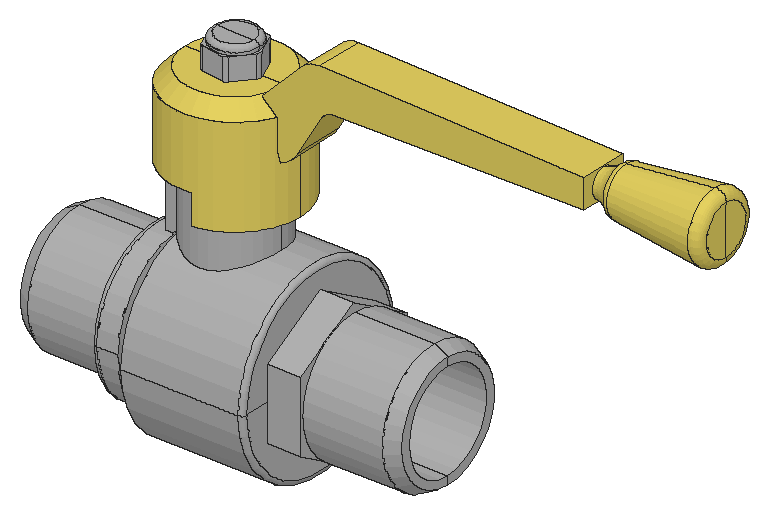
Revit family "QP02710000", category Apparecchi idraulici, Revit 2020
Family settings
  Quota connettore circolare = Usa diametro
  Tipo di parte = Normale
  Numero OmniClass = 23.45.00.00
  Titolo OmniClass = Sanitary, Laundry, and Cleaning Equipment
  Basato su piano di lavoro = No
  Sempre verticale = Sì
  Taglio con vuoti quando caricato = No
  Condiviso = No
  Punto di calcolo locali = No
Parameters
  URL = "https://web.cimberio.com/index.php/figura/169?subcategoria_id=95698"
  Temperatura di esercizio = "-20 ÷ 60°C"
  Prospetto di default = 0 mm
  Produttore = "CIMBERIO SPA"
  Pressione nominale = "MOP 5"
  Modello = "Cim 202/12G"
  Materiale = "Prodotto in lega di ottone conforme alla norma EN 12165-CW617N-DW"
  Descrizione = "Utilizzato nell’impiantistica distributiva di gas a bassa pressione per le categorie:\r\nGas naturali: gas derivati dal petrolio (Metano) e gas di ricambio.\r\nGas di città: prodotti secondo i diversi procedimenti (Cracking - Cokerie - ecc.).\r\nGas liquidi: propano e miscele di gas propano/butano"
  DN Model [instance] = QP02711020 : QP02711020
  DN [instance] = 20 mm
  Commenti sul tipo = "Realizzato in ottemperanza ai requisiti gestionali della norma EN ISO 9001.\r\nCollaudato al 100% secondo la normativa EN 12266-1"
Reference planes
  plane 1 "Centro (Fronte/Retro)": y = 0
  plane 2: z = 0
  plane 3 "Centro (Sinistra/Destra)": x = 0
Dimensions and locks
  aligned and locked: level to plane 2
Nested families
  nested 1: "QP02711020" at (0, 0, 0), type <- "DN Model", type "QP02711020"
  nested 2: "QP02711020" at (0, 0, 0), type <- "DN Model", type "QP02711020"
  nested 3: "QP02711020" at (0, 0, 0), type <- "DN Model", type "QP02711020"
  nested 4: "QP02711020" at (0, 0, 0), type <- "DN Model", type "QP02711020"
  nested 5: "QP02711020" at (0, 0, 0), type <- "DN Model", type "QP02711020"
  nested 6: "QP02711020" at (0, 0, 0), type <- "DN Model", type "QP02711020"
  nested 7: "QP02711020" at (0, 0, 0), type <- "DN Model", type "QP02711020"
  nested 8: "QP02711020" at (0, 0, 0), type <- "DN Model", type "QP02711020"
Connectors
  piping at (-34.584, 0, -1.457), diameter 20, driven by "DN"
    settings: on nested 1, index 2, connector inside diameter 609.6 mm, connector length 0 mm, flow factor 0, pipe flow 0.0 L/s, pressure drop 0.0 Pa, fitting loss kfactor 0, connector angle 0.00°, fixture units 0, engagement length 0 mm, angle of deflection 0.00°, flow configuration 0, flow direction 0, fitting loss method 0, system type 7, joint type 0, gender type 0, connector reference index -1, connector utility 0, adjustable connector no, is connector primary yes, connector description ""
  piping at (43.25, 0, -1.457), diameter 20, driven by "DN"
    settings: on nested 1, index 3, connector inside diameter 609.6 mm, connector length 0 mm, flow factor 0, pipe flow 0.0 L/s, pressure drop 0.0 Pa, fitting loss kfactor 0, connector angle 0.00°, fixture units 0, engagement length 0 mm, angle of deflection 0.00°, flow configuration 0, flow direction 0, fitting loss method 0, system type 7, joint type 0, gender type 0, connector reference index -1, connector utility 0, adjustable connector no, is connector primary no, connector description ""
Definition of nested family "QP02711020"
  Parameters (values of type "QP02711020")
    Default Elevation = 0 mm
  Reference planes
    plane 1 "Centro (Fronte/Retro)": y = 0
    plane 2: z = 0
    plane 3 "Centro (Sinistra/Destra)": x = 0
  Forms (mm)
    Extrusion 1, solid
      sketch origin (-1.996, 0, 0.502) x (1, 0, 0) y (0, 0, 1)
        loop
          line (-13.004, 28.344) -> (-13.004, 24.044) -> (-11, 22.887) -> (-11, 9.005) -> (-5.604, 9.005) -> (-5.604, 28.344) -> (-13.004, 28.344)
      from 0 to 1.497
    Revolve 2, solid
      sketch origin (0, 0, 0) x (1, 0, 0) y (0, 0, 1)
        loop
          line (0, 48.345) -> (-10.25, 48.345) -> (-13.25, 45.345) -> (-13.25, 25.336) -> (-10.467, 25.336) -> (-10.467, 45.345) -> (0, 45.345) -> (0, 48.345)
        axis (0, 25.336) -> (0, 48.345)
      angle from 0 to 360
    Extrusion 3, void
      sketch origin (0, 0, 61.343) x (-1, 0, 0) y (0, 1, 0)
        loop
          line (16.068, 0) -> (10.467, 0)
          arc (10.467, 0) -> (6.812, -7.947) -> (-1.6, -10.344) r 10.467
          line (-1.6, -10.344) -> (-1.6, -18.331)
          arc (-1.6, -18.331) -> (13.093, -14.813) -> (16.068, 0) r 14.025
      from 29.978 to 36.932
    Revolve 4, solid
      sketch origin (0, 0, 0) x (1, 0, 0) y (0, 0, 1)
        loop
          line (0, 13.555) -> (9.381, 13.555) -> (9.381, 40.345) -> (0, 40.345) -> (0, 13.555)
        axis (0, 40.345) -> (0, 13.555)
      angle from 0 to 360
    Revolve 5, solid
      sketch origin (0, 0, 0) x (1, 0, 0) y (0, 0, 1)
        loop
          line (0, 54.345) -> (0, 52.498) -> (4.75, 52.498) -> (4.75, 53.345)
          arc (4.75, 53.345) -> (4.457, 54.052) -> (3.75, 54.345) r 1
          line (3.75, 54.345) -> (0, 54.345)
        axis (0, 54.345) -> (0, 52.498)
      angle from 0 to 360
    Revolve 6, solid
      sketch origin (-13.168, 0, 0) x (1, 0, 0) y (0, 0, 1)
        loop
          line (88.168, 53.344) -> (113.168, 53.344) -> (113.168, 58.357)
          arc (113.168, 58.357) -> (112.505, 59.844) -> (110.957, 60.345) r 1.999
          line (110.957, 60.345) -> (92.945, 58.418)
          arc (92.945, 58.418) -> (92.315, 58.262) -> (91.784, 57.888) r 1.757
          arc (91.784, 57.888) -> (90.131, 56.74) -> (88.168, 56.298) r 5.249
          line (88.168, 56.298) -> (88.168, 53.344)
        axis (88.168, 53.344) -> (113.168, 53.344)
      angle from 0 to 360
    Revolve 7, solid
      sketch origin (8.75, 0, 0) x (1, 0, 0) y (0, 0, 1)
        loop
          line (15.341, 11.718) -> (15.341, 8.543) -> (34.5, 8.543) -> (34.5, 10.227) -> (31.754, 11.718) -> (15.341, 11.718)
        axis (34.5, -1.457) -> (15.341, -1.457)
      angle from 0 to 360
    Extrusion 8, solid
      sketch origin (0, 0, 0) x (1, 0, 0) y (0, 0, 1)
        loop
          line (17.48, 56.325) -> (9.489, 48.334) -> (13.233, 37.378)
          arc (13.233, 37.378) -> (15.341, 38.608) -> (16.907, 40.48) r 7.089
          line (16.907, 40.48) -> (21.612, 48.629)
          arc (21.612, 48.629) -> (22.515, 49.523) -> (23.741, 49.859) r 2.504
          line (23.741, 49.859) -> (75, 50.39) -> (75, 56.298) -> (21.158, 57.787)
          arc (21.158, 57.787) -> (19.168, 57.436) -> (17.48, 56.325) r 5
      from -4.935 to 4.935
    Extrusion 9, solid
      sketch origin (0, 0, 61.343) x (0, 1, 0) y (-1, 0, 0)
        loop
          line (4.883, 2.545) -> (1.219, 5.379)
          arc (1.219, 5.379) -> (0.756, 5.573) -> (0.259, 5.51) r 0.969
          line (0.259, 5.51) -> (-4.009, 3.762)
          arc (-4.009, 3.762) -> (-4.439, 3.434) -> (-4.648, 2.936) r 1.044
          line (-4.648, 2.936) -> (-5.263, -1.594)
          arc (-5.263, -1.594) -> (-5.195, -2.127) -> (-4.869, -2.556) r 1.04
          line (-4.869, -2.556) -> (-1.228, -5.372)
          arc (-1.228, -5.372) -> (-0.756, -5.57) -> (-0.248, -5.505) r 0.989
          line (-0.248, -5.505) -> (4.025, -3.755)
          arc (4.025, -3.755) -> (4.443, -3.437) -> (4.646, -2.953) r 1.015
          line (4.646, -2.953) -> (5.265, 1.611)
          arc (5.265, 1.611) -> (5.199, 2.129) -> (4.883, 2.545) r 1.009
      from -12.998 to -8.498
    Revolve 10, solid
      sketch origin (0, 0, -1.455) x (0, 1, 0) y (-1, 0, 0)
        loop
          line (12.607, -17.1) -> (18.5, -17.1)
          arc (18.5, -17.1) -> (19.207, -16.807) -> (19.5, -16.1) r 1
          line (19.5, -16.1) -> (19.5, 7.75) -> (16, 11.25) -> (16, 15.5)
          arc (16, 15.5) -> (15.707, 16.207) -> (15, 16.5) r 1
          line (15, 16.5) -> (12.607, 16.5) -> (12.607, -17.1)
        axis (0, -17.1) -> (0, 16.5)
      angle from 0 to 360
    Revolve 11, solid
      sketch origin (-0.084, 0, 0) x (-1, 0, 0) y (0, 0, -1)
        loop
          line (16.414, -11.718) -> (31.754, -11.718) -> (34.5, -10.227) -> (34.5, -8.543) -> (16.414, -8.543) -> (16.414, -11.718)
        axis (34.5, 1.457) -> (16.414, 1.457)
      angle from 0 to 360
    Extrusion 12, solid
      sketch origin (0, 0, -1.562) x (0, 1, 0) y (0, 0, 1)
        loop
          circle (0, 0) r 10
        loop
          line (0, 15) -> (-13.484, 7.215) -> (-13.484, -7.215) -> (0, -15) -> (13.522, -7.193) -> (13.522, 7.193) -> (0, 15)
      from 17.1 to 24.091
  Cuts and joins
    Extrusion 3 cuts Revolve 2
  Dimensions and locks
    aligned and locked: level to plane 2
